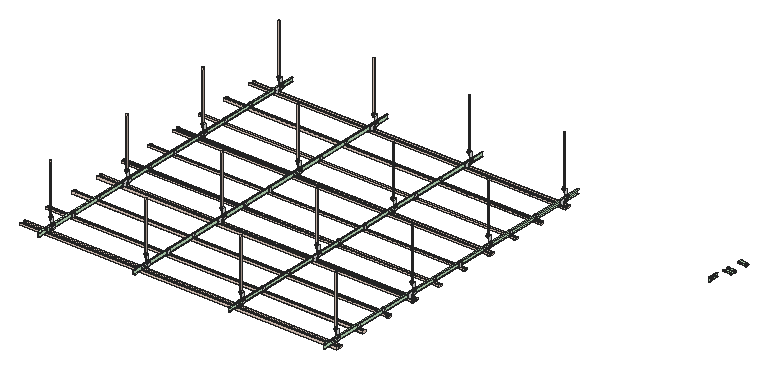
Revit family "cl_19", category 一般モデル, Revit 2022
Family settings
  鉄筋をホスト可能 = いいえ
  丸型コネクタ寸法 = 直径を使用
  パーツ タイプ = 標準
  作業面ベース = いいえ
  常に垂直 = はい
  ロード時にボイドで切り取り = いいえ
  注釈の向きを維持 = いいえ
  共有 = いいえ
  部屋計算ポイント = いいえ
Parameters
  製造元 = "株式会社桐井製作所"
  既定の高さ = 0 mm
  URL = "https://www.kirii.co.jp/"
  K_名称 = "JIS19型"
  K_バージョン情報 = "20231221"
Reference planes
  plane 1 "中心(正面/背面)": y = 0
  plane 2: z = 0
  plane 3 "中心(左/右)": x = 0
Lines and regions (mm)
  model lines
    curve 1: line (2053.885, 1762.323, -15.664) -> (3803.885, 1762.323, -15.664)
    curve 2: line (2053.885, 732.323, -15.664) -> (3803.885, 732.323, -15.664)
    curve 3: line (3803.885, 1766.972, -19.37) -> (3803.885, 736.972, -19.37)
    curve 4: line (2053.885, 1766.972, -19.37) -> (2053.885, 736.972, -19.37)
Text (mm)
  text "JIS19型" at (-1841.604, 2062.91, 5447.439), in view "ビュー 1"
  text "建築用鋼製天井下地材　在来天井（JIS19型）" at (-1901.604, 2057.91, -53.41), in view "{3D}"
  text "ジョイント" at (2194.065, 1638.272, -53.41), in view "{3D}"
  text "隣り合うジョイント位置は1ｍ以上離して千鳥状に配置する。" at (2294.392, 829.684, -53.41), in view "{3D}"
  text "・CS-19用ジョイント" at (2294.392, 1425.581, -53.41), in view "{3D}"
  text "・CW-19用ジョイント" at (2294.392, 1273.599, -53.41), in view "{3D}"
  text "・CC-19用ジョイント" at (2294.392, 1123.599, -53.41), in view "{3D}"
Dimensions and locks
  aligned and locked: level to plane 2
Nested families
  nested 1: "CW-19" at (-1495.375, 1215.499, -19), type "CW-19"
    with K_長さ(mm) 3000 mm, K_JIS外 no, K_JIS yes
  nested 2: "CS-19" at (-1495.375, 912.5, -19), type "CS-19"
    with K_長さ(mm) 3000 mm, K_JIS外 no, K_JIS yes
  nested 3: "CS-19" at (-1495.375, 609.5, -19), type "CS-19"
    with K_長さ(mm) 3000 mm, K_JIS外 no, K_JIS yes
  nested 4: "CW-19" at (-1495.375, 315.499, -19), type "CW-19"
    with K_長さ(mm) 3000 mm, K_JIS外 no, K_JIS yes
  nested 5: "CS-19" at (-1495.375, 12.5, -19), type "CS-19"
    with K_長さ(mm) 3000 mm, K_JIS外 no, K_JIS yes
  nested 6: "CS-19" at (-1495.375, -290.5, -19), type "CS-19"
    with K_長さ(mm) 3000 mm, K_JIS外 no, K_JIS yes
  nested 7: "CW-19" at (-1495.375, -584.501, -19), type "CW-19"
    with K_長さ(mm) 3000 mm, K_JIS外 no, K_JIS yes
  nested 8: "CS-19" at (-1495.375, -887.5, -19), type "CS-19"
    with K_長さ(mm) 3000 mm, K_JIS外 no, K_JIS yes
  nested 9: "CS-19" at (-1495.375, -1190.5, -19), type "CS-19"
    with K_長さ(mm) 3000 mm, K_JIS外 no, K_JIS yes
  nested 10: "CW-19" at (-1495.375, -1484.501, -19), type "CW-19"
    with K_長さ(mm) 3000 mm, K_JIS外 no, K_JIS yes
  nested 11: "CS-19用クリップ" at (552.216, -1190.581, -9.669) x (0, 1, 0) z (0, 0, 1), type "CS-19用クリップ"
    with K_JIS外 no, K_JIS yes
  nested 12: "CS-19用クリップ" at (1452.216, -1190.581, -9.669) x (0, 1, 0) z (0, 0, 1), type "CS-19用クリップ"
    with K_JIS外 no, K_JIS yes
  nested 13: "CW-19用クリップ" at (536.79, -1484.563, -9.703) x (0, -1, 0) z (0, 0, 1), type "CW-19用クリップ"
    with K_JIS外 no, K_JIS yes
  nested 14: "CW-19用クリップ" at (1437.103, -1484.563, -9.703) x (0, -1, 0) z (0, 0, 1), type "CW-19用クリップ"
    with K_JIS外 no, K_JIS yes
  nested 15: "CW-19用クリップ" at (-347.929, -584.563, -9.703) x (0, -1, 0) z (0, 0, 1), type "CW-19用クリップ"
    with K_JIS外 no, K_JIS yes
  nested 16: "CS-19用クリップ" at (-363.235, -887.5, -9.669) x (0, 1, 0) z (0, 0, 1), type "CS-19用クリップ"
    with K_JIS外 no, K_JIS yes
  nested 17: "CW-19用クリップ" at (552.071, -584.563, -9.703) x (0, -1, 0) z (0, 0, 1), type "CW-19用クリップ"
    with K_JIS外 no, K_JIS yes
  nested 18: "CS-19用クリップ" at (536.765, -887.5, -9.669) x (0, 1, 0) z (0, 0, 1), type "CS-19用クリップ"
    with K_JIS外 no, K_JIS yes
  nested 19: "CW-19用クリップ" at (1452.071, -584.563, -9.703) x (0, -1, 0) z (0, 0, 1), type "CW-19用クリップ"
    with K_JIS外 no, K_JIS yes
  nested 20: "CS-19用クリップ" at (1436.765, -887.5, -9.669) x (0, 1, 0) z (0, 0, 1), type "CS-19用クリップ"
    with K_JIS外 no, K_JIS yes
  nested 21: "CS-19用クリップ" at (536.765, -290.5, -9.669) x (0, 1, 0) z (0, 0, 1), type "CS-19用クリップ"
    with K_JIS外 no, K_JIS yes
  nested 22: "CS-19用クリップ" at (1436.765, -290.5, -9.669) x (0, 1, 0) z (0, 0, 1), type "CS-19用クリップ"
    with K_JIS外 no, K_JIS yes
  nested 23: "CS-19用クリップ" at (552.216, 12.419, -9.669) x (0, 1, 0) z (0, 0, 1), type "CS-19用クリップ"
    with K_JIS外 no, K_JIS yes
  nested 24: "CS-19用クリップ" at (1452.216, 12.419, -9.669) x (0, 1, 0) z (0, 0, 1), type "CS-19用クリップ"
    with K_JIS外 no, K_JIS yes
  nested 25: "CS-19用クリップ" at (-347.784, 609.419, -9.669) x (0, 1, 0) z (0, 0, 1), type "CS-19用クリップ"
    with K_JIS外 no, K_JIS yes
  nested 26: "CS-19用クリップ" at (552.216, 609.419, -9.669) x (0, 1, 0) z (0, 0, 1), type "CS-19用クリップ"
    with K_JIS外 no, K_JIS yes
  nested 27: "CS-19用クリップ" at (1452.216, 609.419, -9.669) x (0, 1, 0) z (0, 0, 1), type "CS-19用クリップ"
    with K_JIS外 no, K_JIS yes
  nested 28: "CW-19用クリップ" at (-1262.897, 315.437, -9.703) x (0, -1, 0) z (0, 0, 1), type "CW-19用クリップ"
    with K_JIS外 no, K_JIS yes
  nested 29: "CW-19用クリップ" at (-362.897, 315.437, -9.703) x (0, -1, 0) z (0, 0, 1), type "CW-19用クリップ"
    with K_JIS外 no, K_JIS yes
  nested 30: "CW-19用クリップ" at (536.79, 315.437, -9.703) x (0, -1, 0) z (0, 0, 1), type "CW-19用クリップ"
    with K_JIS外 no, K_JIS yes
  nested 31: "CW-19用クリップ" at (1436.79, 315.437, -9.703) x (0, -1, 0) z (0, 0, 1), type "CW-19用クリップ"
    with K_JIS外 no, K_JIS yes
  nested 32: "CS-19用クリップ" at (536.765, 911.979, -9.669) x (0, 1, 0) z (0, 0, 1), type "CS-19用クリップ"
    with K_JIS外 no, K_JIS yes
  nested 33: "CS-19用クリップ" at (1436.765, 911.979, -9.669) x (0, 1, 0) z (0, 0, 1), type "CS-19用クリップ"
    with K_JIS外 no, K_JIS yes
  nested 34: "CW-19用クリップ" at (-347.929, 1215.437, -9.703) x (0, -1, 0) z (0, 0, 1), type "CW-19用クリップ"
    with K_JIS外 no, K_JIS yes
  nested 35: "CW-19用クリップ" at (552.071, 1215.437, -9.703) x (0, -1, 0) z (0, 0, 1), type "CW-19用クリップ"
    with K_JIS外 no, K_JIS yes
  nested 36: "CW-19用クリップ" at (1452.071, 1215.437, -9.703) x (0, -1, 0) z (0, 0, 1), type "CW-19用クリップ"
    with K_JIS外 no, K_JIS yes
  nested 37: "CC-19用ハンガー、CC-25用ハンガー" at (-1259.375, -1425.55, 0) x (0, -1, 0) z (0, 0, 1), type "CC-19用ハンガー、CC-25用ハンガー"
    with K_JIS外 no, K_JIS yes
  nested 38: "CC-19用ハンガー、CC-25用ハンガー" at (-1259.375, -525.55, 0) x (0, -1, 0) z (0, 0, 1), type "CC-19用ハンガー、CC-25用ハンガー"
    with K_JIS外 no, K_JIS yes
  nested 39: "CC-19用ハンガー、CC-25用ハンガー" at (-1259.375, 374.45, 0) x (0, -1, 0) z (0, 0, 1), type "CC-19用ハンガー、CC-25用ハンガー"
    with K_JIS外 no, K_JIS yes
  nested 40: "CC-19用ハンガー、CC-25用ハンガー" at (-1259.375, 1274.45, 0) x (0, -1, 0) z (0, 0, 1), type "CC-19用ハンガー、CC-25用ハンガー"
    with K_JIS外 no, K_JIS yes
  nested 41: "CC-19用ハンガー、CC-25用ハンガー" at (-359.375, -1425.55, 0) x (0, -1, 0) z (0, 0, 1), type "CC-19用ハンガー、CC-25用ハンガー"
    with K_JIS外 no, K_JIS yes
  nested 42: "CC-19用ハンガー、CC-25用ハンガー" at (-359.375, -525.55, 0) x (0, -1, 0) z (0, 0, 1), type "CC-19用ハンガー、CC-25用ハンガー"
    with K_JIS外 no, K_JIS yes
  nested 43: "CC-19用ハンガー、CC-25用ハンガー" at (-359.375, 374.45, 0) x (0, -1, 0) z (0, 0, 1), type "CC-19用ハンガー、CC-25用ハンガー"
    with K_JIS外 no, K_JIS yes
  nested 44: "CC-19用ハンガー、CC-25用ハンガー" at (-359.375, 1274.45, 0) x (0, -1, 0) z (0, 0, 1), type "CC-19用ハンガー、CC-25用ハンガー"
    with K_JIS外 no, K_JIS yes
  nested 45: "CC-19用ハンガー、CC-25用ハンガー" at (540.625, -1425.55, 0) x (0, -1, 0) z (0, 0, 1), type "CC-19用ハンガー、CC-25用ハンガー"
    with K_JIS外 no, K_JIS yes
  nested 46: "CC-19用ハンガー、CC-25用ハンガー" at (540.625, -525.55, 0) x (0, -1, 0) z (0, 0, 1), type "CC-19用ハンガー、CC-25用ハンガー"
    with K_JIS外 no, K_JIS yes
  nested 47: "CC-19用ハンガー、CC-25用ハンガー" at (540.625, 374.45, 0) x (0, -1, 0) z (0, 0, 1), type "CC-19用ハンガー、CC-25用ハンガー"
    with K_JIS外 no, K_JIS yes
  nested 48: "CC-19用ハンガー、CC-25用ハンガー" at (540.625, 1274.45, 0) x (0, -1, 0) z (0, 0, 1), type "CC-19用ハンガー、CC-25用ハンガー"
    with K_JIS外 no, K_JIS yes
  nested 49: "CC-19用ハンガー、CC-25用ハンガー" at (1440.625, -1425.55, 0) x (0, -1, 0) z (0, 0, 1), type "CC-19用ハンガー、CC-25用ハンガー"
    with K_JIS外 no, K_JIS yes
  nested 50: "CC-19用ハンガー、CC-25用ハンガー" at (1440.625, -525.55, 0) x (0, -1, 0) z (0, 0, 1), type "CC-19用ハンガー、CC-25用ハンガー"
    with K_JIS外 no, K_JIS yes
  nested 51: "CC-19用ハンガー、CC-25用ハンガー" at (1440.625, 374.45, 0) x (0, -1, 0) z (0, 0, 1), type "CC-19用ハンガー、CC-25用ハンガー"
    with K_JIS外 no, K_JIS yes
  nested 52: "CC-19用ハンガー、CC-25用ハンガー" at (1440.625, 1274.45, 0) x (0, -1, 0) z (0, 0, 1), type "CC-19用ハンガー、CC-25用ハンガー"
    with K_JIS外 no, K_JIS yes
  nested 53: "CC-19用ハンガー、CC-25用ハンガー" at (-1259.375, -525.55, 0) x (0, -1, 0) z (0, 0, 1), type "CC-19用ハンガー、CC-25用ハンガー"
    with K_JIS外 no, K_JIS yes
  nested 54: "3／8”ボルト" at (1424.193, -1425.55, 70), type "3／8”ボルト"
    with K_長さ(mm) 500 mm
  nested 55: "3／8”ボルト" at (1424.193, -525.512, 70), type "3／8”ボルト"
    with K_長さ(mm) 500 mm
  nested 56: "ナット" at (1424.193, -1425.55, 93), type "ナット"
  nested 57: "ナット" at (1424.193, -1425.55, 91) x (1, 0, 0) z (0, 0, -1), type "ナット"
  nested 58: "ナット" at (1424.193, -525.55, 93), type "ナット"
  nested 59: "ナット" at (1424.193, -525.55, 91) x (1, 0, 0) z (0, 0, -1), type "ナット"
  nested 60: "3／8”ボルト" at (1424.193, 374.488, 70), type "3／8”ボルト"
    with K_長さ(mm) 500 mm
  nested 61: "ナット" at (1424.193, 374.45, 93), type "ナット"
  nested 62: "ナット" at (1424.193, 374.45, 91) x (1, 0, 0) z (0, 0, -1), type "ナット"
  nested 63: "3／8”ボルト" at (1424.193, 1274.488, 70), type "3／8”ボルト"
    with K_長さ(mm) 500 mm
  nested 64: "ナット" at (1424.193, 1274.45, 93), type "ナット"
  nested 65: "ナット" at (1424.193, 1274.45, 91) x (1, 0, 0) z (0, 0, -1), type "ナット"
  nested 66: "3／8”ボルト" at (524.193, -1425.55, 70), type "3／8”ボルト"
    with K_長さ(mm) 500 mm
  nested 67: "3／8”ボルト" at (524.193, -525.512, 70), type "3／8”ボルト"
    with K_長さ(mm) 500 mm
  nested 68: "ナット" at (524.193, -1425.55, 93), type "ナット"
  nested 69: "ナット" at (524.193, -1425.55, 91) x (1, 0, 0) z (0, 0, -1), type "ナット"
  nested 70: "ナット" at (524.193, -525.55, 93), type "ナット"
  nested 71: "ナット" at (524.193, -525.55, 91) x (1, 0, 0) z (0, 0, -1), type "ナット"
  nested 72: "3／8”ボルト" at (524.193, 374.488, 70), type "3／8”ボルト"
    with K_長さ(mm) 500 mm
  nested 73: "ナット" at (524.193, 374.45, 93), type "ナット"
  nested 74: "ナット" at (524.193, 374.45, 91) x (1, 0, 0) z (0, 0, -1), type "ナット"
  nested 75: "3／8”ボルト" at (524.193, 1274.488, 70), type "3／8”ボルト"
    with K_長さ(mm) 500 mm
  nested 76: "ナット" at (524.193, 1274.45, 93), type "ナット"
  nested 77: "ナット" at (524.193, 1274.45, 91) x (1, 0, 0) z (0, 0, -1), type "ナット"
  nested 78: "3／8”ボルト" at (-375.807, -1425.55, 70), type "3／8”ボルト"
    with K_長さ(mm) 500 mm
  nested 79: "3／8”ボルト" at (-375.807, -525.512, 70), type "3／8”ボルト"
    with K_長さ(mm) 500 mm
  nested 80: "ナット" at (-375.807, -1425.55, 93), type "ナット"
  nested 81: "ナット" at (-375.807, -1425.55, 91) x (1, 0, 0) z (0, 0, -1), type "ナット"
  nested 82: "ナット" at (-375.807, -525.55, 93), type "ナット"
  nested 83: "ナット" at (-375.807, -525.55, 91) x (1, 0, 0) z (0, 0, -1), type "ナット"
  nested 84: "3／8”ボルト" at (-375.807, 374.488, 70), type "3／8”ボルト"
    with K_長さ(mm) 500 mm
  nested 85: "ナット" at (-375.807, 374.45, 93), type "ナット"
  nested 86: "ナット" at (-375.807, 374.45, 91) x (1, 0, 0) z (0, 0, -1), type "ナット"
  nested 87: "3／8”ボルト" at (-375.807, 1274.488, 70), type "3／8”ボルト"
    with K_長さ(mm) 500 mm
  nested 88: "ナット" at (-375.807, 1274.45, 93), type "ナット"
  nested 89: "ナット" at (-375.807, 1274.45, 91) x (1, 0, 0) z (0, 0, -1), type "ナット"
  nested 90: "3／8”ボルト" at (-1275.807, -1425.55, 70), type "3／8”ボルト"
    with K_長さ(mm) 500 mm
  nested 91: "3／8”ボルト" at (-1275.807, -525.512, 70), type "3／8”ボルト"
    with K_長さ(mm) 500 mm
  nested 92: "ナット" at (-1275.807, -1425.55, 93), type "ナット"
  nested 93: "ナット" at (-1275.807, -1425.55, 91) x (1, 0, 0) z (0, 0, -1), type "ナット"
  nested 94: "ナット" at (-1275.807, -525.55, 93), type "ナット"
  nested 95: "ナット" at (-1275.807, -525.55, 91) x (1, 0, 0) z (0, 0, -1), type "ナット"
  nested 96: "3／8”ボルト" at (-1275.807, 374.488, 70), type "3／8”ボルト"
    with K_長さ(mm) 500 mm
  nested 97: "ナット" at (-1275.807, 374.45, 93), type "ナット"
  nested 98: "ナット" at (-1275.807, 374.45, 91) x (1, 0, 0) z (0, 0, -1), type "ナット"
  nested 99: "3／8”ボルト" at (-1275.807, 1274.488, 70), type "3／8”ボルト"
    with K_長さ(mm) 500 mm
  nested 100: "ナット" at (-1275.807, 1274.45, 93), type "ナット"
  nested 101: "ナット" at (-1275.807, 1274.45, 91) x (1, 0, 0) z (0, 0, -1), type "ナット"
  nested 102: "CW-19用ジョイント" at (3036.168, 1215.499, -19.312), type "CW-19用ジョイント"
    with K_JIS外 no, K_JIS yes
  nested 103: "CC-19用ジョイント" at (3016.168, 1053.371, -1.758), type "CC-19用ジョイント"
    with K_JIS外 yes, K_JIS no
  nested 104: "CS-19用ジョイント" at (3041.168, 1367.323, -19.37), type "CS-19用ジョイント"
    with K_JIS外 no, K_JIS yes
  nested 105: "CW-19用クリップ" at (-1247.888, 1215.432, -9.703) x (0, -1, 0) z (0, 0, 1), type "CW-19用クリップ"
    with K_JIS外 no, K_JIS yes
  nested 106: "CS-19用クリップ" at (-1263.173, 912.5, -9.669) x (0, 1, 0) z (0, 0, 1), type "CS-19用クリップ"
    with K_JIS外 no, K_JIS yes
  nested 107: "CS-19用クリップ" at (-1247.784, 609.5, -9.669) x (0, 1, 0) z (0, 0, 1), type "CS-19用クリップ"
    with K_JIS外 no, K_JIS yes
  nested 108: "CS-19用クリップ" at (-1247.784, 12.5, -9.669) x (0, 1, 0) z (0, 0, 1), type "CS-19用クリップ"
    with K_JIS外 no, K_JIS yes
  nested 109: "CS-19用クリップ" at (-1263.175, -290.5, -9.669) x (0, 1, 0) z (0, 0, 1), type "CS-19用クリップ"
    with K_JIS外 no, K_JIS yes
  nested 110: "CW-19用クリップ" at (-1247.9, -584.496, -9.703) x (0, -1, 0) z (0, 0, 1), type "CW-19用クリップ"
    with K_JIS外 no, K_JIS yes
  nested 111: "CS-19用クリップ" at (-1263.167, -887.5, -9.669) x (0, 1, 0) z (0, 0, 1), type "CS-19用クリップ"
    with K_JIS外 no, K_JIS yes
  nested 112: "CS-19用クリップ" at (-1247.784, -1190.5, -9.669) x (0, 1, 0) z (0, 0, 1), type "CS-19用クリップ"
    with K_JIS外 no, K_JIS yes
  nested 113: "CW-19用クリップ" at (-1262.897, -1484.501, -9.703) x (0, -1, 0) z (0, 0, 1), type "CW-19用クリップ"
    with K_JIS外 no, K_JIS yes
  nested 114: "CW-19用クリップ" at (-362.897, -1484.501, -9.703) x (0, -1, 0) z (0, 0, 1), type "CW-19用クリップ"
    with K_JIS外 no, K_JIS yes
  nested 115: "CS-19用クリップ" at (-347.784, -1190.5, -9.669) x (0, 1, 0) z (0, 0, 1), type "CS-19用クリップ"
    with K_JIS外 no, K_JIS yes
  nested 116: "CS-19用クリップ" at (-363.184, -290.5, -9.669) x (0, 1, 0) z (0, 0, 1), type "CS-19用クリップ"
    with K_JIS外 no, K_JIS yes
  nested 117: "CS-19用クリップ" at (-347.784, 12.5, -9.669) x (0, 1, 0) z (0, 0, 1), type "CS-19用クリップ"
    with K_JIS外 no, K_JIS yes
  nested 118: "CS-19用クリップ" at (-363.235, 912.477, -9.669) x (0, 1, 0) z (0, 0, 1), type "CS-19用クリップ"
    with K_JIS外 no, K_JIS yes
  nested 119: "CC-19" at (-1261.375, -1590.55, 0), type "CC-19"
    with K_長さ(mm) 3000 mm
  nested 120: "CC-19" at (-361.375, -1590.55, 0), type "CC-19"
    with K_長さ(mm) 3000 mm
  nested 121: "CC-19" at (538.625, -1590.55, 0), type "CC-19"
    with K_長さ(mm) 3000 mm
  nested 122: "CC-19" at (1438.625, -1590.55, 0), type "CC-19"
    with K_長さ(mm) 3000 mm
Definition of nested family "CW-19"
  Parameters (values of type "CW-19")
    Manufacturer = "株式会社桐井製作所"
    Default Elevation = 0 mm
    URL = "https://www.kirii.co.jp/"
    K_長さ(mm) [instance] = 1000 mm
    K_材質 = "SGCC　一般用"
    K_断面積A(mm2) = 49
    K_断面係数Zy(mm3) = 768.8
    K_断面係数Zx(mm3) = 184.8
    K_断面2次半径iy(mm) = 19.8
    K_断面2次半径ix(mm) = 7
    K_断面2次モーメントIy(mm4) = 19220
    K_断面2次モーメントIx(mm4) = 2395
    K_外形寸法(mm) = "19×50×0.5"
    K_品名 = "CW-19"
    K_名称 = "野縁"
    K_単位質量(kg/m) = 0.403
    K_ヤング係数E(N/mm2) = 205000
    K_バージョン情報 = "20210524"
    K_めっき付着量 = "Z12"
    K_JIS規格 = "JIS G 3302"
    K_JIS外 [instance] = not(K_JIS)  # no
    K_JIS [instance] = yes
  Reference planes
    plane 1 "中心(正面/背面)": y = 0
    plane 2: z = 0
    plane 3 "中心(左/右)": x = 0
    plane 4: x = 1000
    plane 5: y = 25
    plane 6: y = -25
    plane 7: z = 19
  Forms (mm)
    Extrusion 1, solid
      sketch origin (0, 0, 0) x (0, -1, 0) y (0, 0, 1)
        loop
          line (-25, 0) -> (-20.2, 0) -> (-19.052, 0.5) -> (-11.148, 0.5) -> (-10, 0) -> (10, 0) -> (11.148, 0.5) -> (19.052, 0.5) -> (20.2, 0) -> (25, 0) -> (25, 19) -> (21, 19) -> (21, 16.246) -> (21.5, 15.532) -> (21.5, 18.5) -> (24.5, 18.5) -> (24.5, 0.5) -> (20.304, 0.5) -> (19.156, 1) -> (11.044, 1) -> (9.896, 0.5) -> (-9.896, 0.5) -> (-11.044, 1) -> (-19.156, 1) -> (-20.304, 0.5) -> (-24.5, 0.5) -> (-24.5, 18.5) -> (-21.5, 18.5) -> (-21.5, 15.532) -> (-21, 16.246) -> (-21, 19) -> (-25, 19) -> (-25, 0)
      from 0 to -1000
    Extrusion 2, void
      sketch origin (0, 0, 0) x (0, 1, 0) y (0, 0, 1)
        loop
          line (-21.893, 16.282) -> (-21.893, 14.539) -> (22.033, 14.539) -> (22.033, 16.282) -> (-21.893, 16.282)
      from 0 to 1000
  Cuts and joins
    Extrusion 2 cuts Extrusion 1
  Dimensions and locks
    "K_長さ(mm)": plane 3 "中心(左/右)" to plane 4
    aligned and locked: level to plane 2
    aligned and locked: plane 4 to Extrusion 1
    aligned and locked: Extrusion 1 to Extrusion 2
    aligned and locked: Extrusion 2 to plane 3 "中心(左/右)"
  Automatic sketch dimensions
    plane 6 to Extrusion 2 sketch curve = 3.107 mm
    Extrusion 2 sketch curve to plane 5 = 2.967 mm
    Extrusion 2 sketch curve to Extrusion 2 sketch curve = 1.744 mm
    Extrusion 2 sketch curve to plane 7 = 4.461 mm
    Extrusion 1 sketch curve to level = 0 mm  (x3)
    Extrusion 1 sketch curve to plane 5 = 0 mm
    Extrusion 1 sketch curve to plane 6 = 0 mm
    Extrusion 1 sketch curve to plane 5 = 0.5 mm
    Extrusion 1 sketch curve to plane 5 = 3.5 mm
    Extrusion 1 sketch curve to Extrusion 1 sketch curve = 0.5 mm  (x2)
    level to Extrusion 1 sketch curve = 0.5 mm  (x5)
    Extrusion 1 sketch curve to Extrusion 1 sketch curve = 4.196 mm
    Extrusion 1 sketch curve to Extrusion 1 sketch curve = 0.104 mm  (x8)
    level to Extrusion 1 sketch curve = 1 mm  (x2)
    Extrusion 1 sketch curve to Extrusion 1 sketch curve = 1.148 mm  (x4)
    Extrusion 1 sketch curve to Extrusion 1 sketch curve = 7.903 mm
    plane 1 "中心(正面/背面)" to Extrusion 1 sketch curve = 9.896 mm
    plane 6 to Extrusion 1 sketch curve = 5.948 mm
    plane 6 to Extrusion 1 sketch curve = 4 mm
    plane 6 to Extrusion 1 sketch curve = 0.5 mm
    Extrusion 1 sketch curve to plane 7 = 3.468 mm  (x2)
    Extrusion 1 sketch curve to Extrusion 1 sketch curve = 0.714 mm  (x2)
    Extrusion 1 sketch curve to plane 7 = 0.5 mm  (x2)
    Extrusion 1 sketch curve to plane 7 = 0 mm  (x2)
Definition of nested family "CS-19"
  Parameters (values of type "CS-19")
    Manufacturer = "株式会社桐井製作所"
    Default Elevation = 0 mm
    URL = "https://www.kirii.co.jp/"
    K_長さ(mm) [instance] = 1000 mm
    K_材質 = "SGCC　一般用"
    K_断面積A(mm2) = 36.7
    K_断面係数Zy(mm3) = 309.2
    K_断面係数Zx(mm3) = 175.5
    K_断面2次半径iy(mm) = 10.3
    K_断面2次半径ix(mm) = 7.3
    K_断面2次モーメントIy(mm4) = 3866
    K_断面2次モーメントIx(mm4) = 1934
    K_外形寸法(mm) = "19×25×0.5"
    K_品名 = "CS-19"
    K_名称 = "野縁"
    K_単位質量(kg/m) = 0.302
    K_ヤング係数E(N/mm2) = 205000
    K_バージョン情報 = "20210524"
    K_めっき付着量 = "Z12"
    K_JIS規格 = "JIS G 3302"
    K_JIS外 [instance] = not(K_JIS)  # no
    K_JIS [instance] = yes
  Reference planes
    plane 1 "中心(正面/背面)": y = 0
    plane 2: z = 0
    plane 3 "中心(左/右)": x = 0
    plane 4: x = 1000
    plane 5: y = -12.5
    plane 6: y = 12.499
    plane 7: z = 19
  Forms (mm)
    Extrusion 1, solid
      sketch origin (12.499, 0, 0) x (0, 1, 0) y (0, 0, 1)
        loop
          line (-8.5, 19) -> (-12.5, 19) -> (-12.5, 0) -> (-7.5, 0) -> (-6.73, 0.77) -> (6.73, 0.77) -> (7.5, 0) -> (12.5, 0) -> (12.5, 19) -> (8.5, 19) -> (8.5, 16.246) -> (9, 15.532) -> (9, 18.5) -> (11.978, 18.5) -> (11.978, 0.5) -> (7.707, 0.5) -> (6.937, 1.27) -> (-6.937, 1.27) -> (-7.707, 0.5) -> (-11.978, 0.5) -> (-11.978, 18.5) -> (-9, 18.5) -> (-9, 15.532) -> (-8.5, 16.246) -> (-8.5, 19)
      from -12.499 to 987.501
    Extrusion 2, void
      sketch origin (12.499, 0, 0) x (0, 1, 0) y (0, 0, 1)
        loop
          line (-9.248, 16.247) -> (-9.248, 15.195) -> (9.354, 15.195) -> (9.354, 16.247) -> (-9.248, 16.247)
      from -12.499 to 987.501
  Cuts and joins
    Extrusion 2 cuts Extrusion 1
  Dimensions and locks
    "K_長さ(mm)": plane 4 to plane 3 "中心(左/右)"
    aligned and locked: level to plane 2
    aligned and locked: Extrusion 2 to Extrusion 1
    aligned and locked: plane 4 to cut or joined group of Extrusion 1, Extrusion 2
  Automatic sketch dimensions
    Extrusion 1 sketch curve to level = 0 mm  (x2)
    plane 1 "中心(正面/背面)" to Extrusion 1 sketch curve = 12.5 mm
    plane 1 "中心(正面/背面)" to Extrusion 1 sketch curve = 11.979 mm
    Extrusion 1 sketch curve to Extrusion 1 sketch curve = 2.979 mm
    Extrusion 1 sketch curve to Extrusion 1 sketch curve = 0.5 mm  (x4)
    level to Extrusion 1 sketch curve = 0.5 mm  (x2)
    Extrusion 1 sketch curve to Extrusion 1 sketch curve = 4.271 mm
    Extrusion 1 sketch curve to Extrusion 1 sketch curve = 0.207 mm  (x4)
    Extrusion 1 sketch curve to Extrusion 1 sketch curve = 0.77 mm  (x2)
    level to Extrusion 1 sketch curve = 0.77 mm
    Extrusion 1 sketch curve to Extrusion 1 sketch curve = 13.46 mm
    level to Extrusion 1 sketch curve = 1.27 mm
    Extrusion 1 sketch curve to Extrusion 1 sketch curve = 17 mm
    Extrusion 1 sketch curve to Extrusion 1 sketch curve = 4.272 mm
    Extrusion 1 sketch curve to Extrusion 1 sketch curve = 0.521 mm
    Extrusion 1 sketch curve to Extrusion 1 sketch curve = 2.968 mm
    Extrusion 1 sketch curve to Extrusion 1 sketch curve = 0.714 mm  (x2)
    plane 1 "中心(正面/背面)" to Extrusion 2 sketch curve = 9.248 mm
    Extrusion 2 sketch curve to Extrusion 2 sketch curve = 18.602 mm
    Extrusion 2 sketch curve to Extrusion 2 sketch curve = 1.052 mm
    Extrusion 1 sketch curve to Extrusion 1 sketch curve = 14.262 mm  (x2)
    Extrusion 1 sketch curve to Extrusion 1 sketch curve = 2.254 mm
    level to Extrusion 2 sketch curve = 15.195 mm
Definition of nested family "CS-19用クリップ"
  Parameters (values of type "CS-19用クリップ")
    Manufacturer = "株式会社桐井製作所"
    Default Elevation = 0 mm
    URL = "https://www.kirii.co.jp/"
    K_材質 = "SGCC　一般用"
    K_品名 = "CS-19用クリップ"
    K_名称 = "クリップ"
    K_単位質量(kg/個) = 0.009
    K_入数 = "1000"
    K_バージョン情報 = "20210524"
    K_めっき付着量 = "Z12"
    K_JIS規格 = "JIS G 3302"
    K_JIS外 [instance] = not(K_JIS)  # no
    K_JIS [instance] = yes
  Reference planes
    plane 1 "中心(正面/背面)": y = 0
    plane 2: z = 0
    plane 3 "中心(左/右)": x = 0
  Forms (mm)
    Extrusion 1, solid
      sketch origin (0, 0, 0) x (1, 0, 0) y (0, 0, 1)
        loop
          line (-9.5, 25) -> (-3, 16) -> (-3, 1)
          arc (-3, 1) -> (-2.707, 0.293) -> (-2, 0) r 1
          line (-2, 0) -> (2, 0)
          arc (2, 0) -> (2.707, 0.293) -> (3, 1) r 1
          line (3, 1) -> (3, 16) -> (9.5, 25) -> (9.5, 40.5)
          arc (9.5, 40.5) -> (8.768, 42.268) -> (7, 43) r 2.5
          line (7, 43) -> (-7, 43)
          arc (-7, 43) -> (-8.768, 42.268) -> (-9.5, 40.5) r 2.5
          line (-9.5, 40.5) -> (-9.5, 25)
      from -1.17 to 0
    Extrusion 2, solid
      sketch origin (0, 0, 0) x (1, 0, 0) y (0, 0, 1)
        loop
          line (-10.9, 10.122) -> (-11.5, 9.6) -> (-11.5, 3)
          arc (-11.5, 3) -> (-10.621, 0.879) -> (-8.5, 0) r 3
          line (-8.5, 0) -> (8.5, 0)
          arc (8.5, 0) -> (10.621, 0.879) -> (11.5, 3) r 3
          line (11.5, 3) -> (11.5, 9.6) -> (10.9, 10.122) -> (10.9, 3)
          arc (10.9, 3) -> (10.197, 1.303) -> (8.5, 0.6) r 2.4
          line (8.5, 0.6) -> (-8.5, 0.6)
          arc (-8.5, 0.6) -> (-10.197, 1.303) -> (-10.9, 3) r 2.4
          line (-10.9, 3) -> (-10.9, 10.122)
      from -5.17 to -1.8
    Extrusion 3, void
      sketch origin (0, 0, 0) x (1, 0, 0) y (0, 0, 1)
        loop
          arc (7.625, 6.006) -> (8.589, 6.323) -> (9, 7.25) r 1.25
          line (9, 7.25) -> (9, 8.6)
          arc (9, 8.6) -> (9.293, 9.307) -> (10, 9.6) r 1
          line (10, 9.6) -> (11.5, 9.6) -> (11.5, 3)
          arc (11.5, 3) -> (10.621, 0.879) -> (8.5, 0) r 3
          line (8.5, 0) -> (12.5, 0) -> (12.5, 25.377)
          arc (12.5, 25.377) -> (12.282, 24.075) -> (11.652, 22.915) r 4
          line (11.652, 22.915) -> (7.098, 17.085)
          arc (7.098, 17.085) -> (6.468, 15.925) -> (6.25, 14.623) r 4
          line (6.25, 14.623) -> (6.25, 7.25)
          arc (6.25, 7.25) -> (6.661, 6.323) -> (7.625, 6.006) r 1.25
        loop
          line (-12.5, 25.377) -> (-12.5, 0) -> (-8.5, 0)
          arc (-8.5, 0) -> (-10.621, 0.879) -> (-11.5, 3) r 3
          line (-11.5, 3) -> (-11.5, 9.6) -> (-10, 9.6)
          arc (-10, 9.6) -> (-9.293, 9.307) -> (-9, 8.6) r 1
          line (-9, 8.6) -> (-9, 7.25)
          arc (-9, 7.25) -> (-8.589, 6.323) -> (-7.625, 6.006) r 1.25
          arc (-7.625, 6.006) -> (-6.661, 6.323) -> (-6.25, 7.25) r 1.25
          line (-6.25, 7.25) -> (-6.25, 14.623)
          arc (-6.25, 14.623) -> (-6.468, 15.925) -> (-7.098, 17.085) r 4
          line (-7.098, 17.085) -> (-11.652, 22.915)
          arc (-11.652, 22.915) -> (-12.282, 24.075) -> (-12.5, 25.377) r 4
      from -5.17 to 0
    Extrusion 4, void
      sketch origin (0, 0, 0) x (1, 0, 0) y (0, 1, 0)
        loop
          line (-2.5, 14.418) -> (-2.5, 11.2)
          arc (-2.5, 11.2) -> (-1.768, 9.432) -> (0, 8.7) r 2.5
          arc (0, 8.7) -> (1.768, 9.432) -> (2.5, 11.2) r 2.5
          line (2.5, 11.2) -> (2.5, 14.418) -> (-2.5, 14.418)
      from 34.9 to 48.855
    Extrusion 5, solid
      sketch origin (0, 30, 0) x (0, 1, 0) y (0, 0, 1)
        loop
          line (-28.2, 47.9) -> (-16.199, 47.9) -> (-16.199, 32.283) -> (-15.582, 32.9) -> (-15.582, 47.684)
          arc (-15.582, 47.684) -> (-15.86, 48.234) -> (-16.408, 48.517) r 1
          line (-16.408, 48.517) -> (-27.828, 48.53)
          arc (-27.828, 48.53) -> (-28.536, 48.238) -> (-28.83, 47.53) r 1
          line (-28.83, 47.53) -> (-28.83, 0) -> (-27.64, 0) -> (-28.2, 0.6) -> (-28.2, 47.9)
      from -12.5 to 12.5
    Extrusion 6, void
      sketch origin (0, -19.099, 61.1) x (1, 0, 0) y (0, 0, -1)
        loop
          arc (2.5, 26.2) -> (3.086, 27.614) -> (4.5, 28.2) r 2
          line (4.5, 28.2) -> (10.5, 28.2)
          arc (10.5, 28.2) -> (11.914, 27.614) -> (12.5, 26.2) r 2
          line (12.5, 26.2) -> (12.5, 28.838) -> (-12.5, 28.838) -> (-12.5, 26.2)
          arc (-12.5, 26.2) -> (-11.914, 27.614) -> (-10.5, 28.2) r 2
          line (-10.5, 28.2) -> (-4.5, 28.2)
          arc (-4.5, 28.2) -> (-3.086, 27.614) -> (-2.5, 26.2) r 2
          line (-2.5, 26.2) -> (2.5, 26.2)
      from 32.9 to 33.517
  Cuts and joins
    Extrusion 3 cuts Extrusion 2
    Extrusion 3, Extrusion 4, Extrusion 6 cuts Extrusion 5
    joined: Extrusion 1, Extrusion 2, Extrusion 5
  Dimensions and locks
    aligned and locked: level to plane 2
Definition of nested family "CW-19用クリップ"
  Parameters (values of type "CW-19用クリップ")
    Manufacturer = "株式会社桐井製作所"
    Default Elevation = 0 mm
    URL = "https://www.kirii.co.jp/"
    K_材質 = "SGCC　一般用"
    K_品名 = "CW-19用クリップ"
    K_名称 = "クリップ"
    K_単位質量(kg/個) = 0.016
    K_入数 = "500"
    K_バージョン情報 = "20210524"
    K_めっき付着量 = "Z12"
    K_JIS規格 = "JIS G 3302"
    K_JIS外 [instance] = not(K_JIS)  # no
    K_JIS [instance] = yes
  Reference planes
    plane 1 "中心(正面/背面)": y = 0
    plane 2: z = 0
    plane 3 "中心(左/右)": x = 0
  Forms (mm)
    Extrusion 1, solid
      sketch origin (-12.5, 0, 0) x (1, 0, 0) y (0, 0, 1)
        loop
          line (31, 43) -> (-6, 43)
          arc (-6, 43) -> (-7.768, 42.268) -> (-8.5, 40.5) r 2.5
          line (-8.5, 40.5) -> (-8.5, 31.492)
          arc (-8.5, 31.492) -> (-8.186, 30.156) -> (-7.31, 29.1) r 3
          line (-7.31, 29.1) -> (-0.44, 23.9)
          arc (-0.44, 23.9) -> (0.436, 22.844) -> (0.75, 21.508) r 3
          line (0.75, 21.508) -> (0.75, 1)
          arc (0.75, 1) -> (1.043, 0.293) -> (1.75, 0) r 1
          line (1.75, 0) -> (23.25, 0)
          arc (23.25, 0) -> (23.957, 0.293) -> (24.25, 1) r 1
          line (24.25, 1) -> (24.25, 21.508)
          arc (24.25, 21.508) -> (24.564, 22.844) -> (25.44, 23.9) r 3
          line (25.44, 23.9) -> (32.31, 29.1)
          arc (32.31, 29.1) -> (33.186, 30.156) -> (33.5, 31.492) r 3
          line (33.5, 31.492) -> (33.5, 40.5)
          arc (33.5, 40.5) -> (32.768, 42.268) -> (31, 43) r 2.5
      from -1.17 to 0
    Extrusion 2, solid
      sketch origin (-12.5, 0, 0) x (1, 0, 0) y (0, 0, 1)
        loop
          line (-11.15, 10.122) -> (-11.75, 9.6) -> (-11.75, 4.5)
          arc (-11.75, 4.5) -> (-10.432, 1.318) -> (-7.25, 0) r 4.5
          line (-7.25, 0) -> (32.25, 0)
          arc (32.25, 0) -> (35.432, 1.318) -> (36.75, 4.5) r 4.5
          line (36.75, 4.5) -> (36.75, 9.6) -> (36.15, 10.122) -> (36.15, 4.5)
          arc (36.15, 4.5) -> (35.008, 1.742) -> (32.25, 0.6) r 3.9
          line (32.25, 0.6) -> (-7.25, 0.6)
          arc (-7.25, 0.6) -> (-10.008, 1.742) -> (-11.15, 4.5) r 3.9
          line (-11.15, 4.5) -> (-11.15, 10.122)
      from -5.17 to -1.8
    Extrusion 3, void
      sketch origin (-12.5, 0, 0) x (1, 0, 0) y (0, 0, 1)
        loop
          arc (31.25, 7.25) -> (31.709, 6.282) -> (32.75, 6.025) r 1.25
          arc (32.75, 6.025) -> (33.791, 6.282) -> (34.25, 7.25) r 1.25
          line (34.25, 7.25) -> (34.25, 8.6)
          arc (34.25, 8.6) -> (34.543, 9.307) -> (35.25, 9.6) r 1
          line (35.25, 9.6) -> (36.75, 9.6) -> (36.75, 4.5)
          arc (36.75, 4.5) -> (35.432, 1.318) -> (32.25, 0) r 4.5
          line (32.25, 0) -> (37.5, 0) -> (37.5, 31.63)
          arc (37.5, 31.63) -> (37.154, 29.623) -> (36.157, 27.847) r 6
          line (36.157, 27.847) -> (32.593, 23.461)
          arc (32.593, 23.461) -> (31.596, 21.685) -> (31.25, 19.677) r 6
          line (31.25, 19.677) -> (31.25, 7.25)
        loop
          arc (-6.25, 19.434) -> (-6.577, 21.387) -> (-7.522, 23.128) r 6
          line (-7.522, 23.128) -> (-11.228, 27.872)
          arc (-11.228, 27.872) -> (-12.173, 29.613) -> (-12.5, 31.566) r 6
          line (-12.5, 31.566) -> (-12.5, 0) -> (-7.25, 0)
          arc (-7.25, 0) -> (-10.432, 1.318) -> (-11.75, 4.5) r 4.5
          line (-11.75, 4.5) -> (-11.75, 9.6) -> (-10.25, 9.6)
          arc (-10.25, 9.6) -> (-9.543, 9.307) -> (-9.25, 8.6) r 1
          line (-9.25, 8.6) -> (-9.25, 7.25)
          arc (-9.25, 7.25) -> (-8.791, 6.282) -> (-7.75, 6.025) r 1.25
          arc (-7.75, 6.025) -> (-6.709, 6.282) -> (-6.25, 7.25) r 1.25
          line (-6.25, 7.25) -> (-6.25, 19.434)
      from -5.17 to 0
    Extrusion 4, void
      sketch origin (-12.5, 0, 0) x (1, 0, 0) y (0, 1, 0)
        loop
          arc (25, 6.67) -> (26.414, 7.256) -> (27, 8.67) r 2
          line (27, 8.67) -> (27, 13.798) -> (-2, 13.798) -> (-2, 8.67)
          arc (-2, 8.67) -> (-1.414, 7.256) -> (0, 6.67) r 2
          line (0, 6.67) -> (25, 6.67)
      from 32.9 to 48.855
    Extrusion 5, solid
      sketch origin (-12.5, 30, 0) x (0, 1, 0) y (0, 0, 1)
        loop
          line (-28.2, 47.9) -> (-16.819, 47.9) -> (-16.819, 32.283) -> (-16.202, 32.9) -> (-16.202, 47.684)
          arc (-16.202, 47.684) -> (-16.482, 48.236) -> (-17.033, 48.518) r 1
          line (-17.033, 48.518) -> (-27.828, 48.53)
          arc (-27.828, 48.53) -> (-28.536, 48.238) -> (-28.83, 47.53) r 1
          line (-28.83, 47.53) -> (-28.83, 0) -> (-27.64, 0) -> (-28.2, 0.6) -> (-28.2, 47.9)
      from -12.5 to 37.5
    Extrusion 6, void
      sketch origin (-12.5, 0, 0) x (0, 1, 0) y (0, 0, 1)
        loop
          line (13.798, 32.9) -> (12.798, 32.9) -> (12.798, 31.9) -> (13.798, 31.9) -> (13.798, 32.9)
      from -12.5 to 37.5
  Cuts and joins
    Extrusion 3 cuts Extrusion 2
    Extrusion 3, Extrusion 4, Extrusion 6 cuts Extrusion 5
    joined: Extrusion 1, Extrusion 2, Extrusion 5
  Dimensions and locks
    aligned and locked: level to plane 2
Definition of nested family "CC-19用ハンガー、CC-25用ハンガー"
  Parameters (values of type "CC-19用ハンガー、CC-25用ハンガー")
    Manufacturer = "株式会社桐井製作所"
    Default Elevation = 0 mm
    URL = "https://www.kirii.co.jp/"
    K_材質 = "SGCC一般用またはSGHC一般用"
    K_品名 = "CC-19用ハンガー、CC-25用ハンガー"
    K_名称 = "ハンガー"
    K_単位質量(kg/個) = 0.064
    K_入数 = "300"
    K_バージョン情報 = "20210524"
    K_めっき付着量 = "Z12"
    K_JIS規格 = "JIS G 3302"
    K_JIS外 [instance] = not(K_JIS)  # no
    K_JIS [instance] = yes
  Reference planes
    plane 1 "中心(正面/背面)": y = 0
    plane 2: z = 0
    plane 3 "中心(左/右)": x = 0
    plane 4: x = 10
    plane 5: x = -10
  Forms (mm)
    Extrusion 1, solid
      sketch origin (0, -1.432, 0) x (0, 1, 0) y (0, 0, 1)
        loop
          arc (10.858, 46.52) -> (9.317, 43.754) -> (9.398, 40.59) r 6
          line (9.398, 40.59) -> (9.685, 39.636) -> (13, 28.636) -> (13.708, 26.288)
          arc (13.708, 26.288) -> (13.984, 24.986) -> (14.041, 23.656) r 8
          line (14.041, 23.656) -> (13.142, 1.439)
          arc (13.142, 1.439) -> (12.682, 0.418) -> (11.643, 0) r 1.5
          line (11.643, 0) -> (1.5, 0)
          arc (1.5, 0) -> (0.439, 0.439) -> (0, 1.5) r 1.5
          line (0, 1.5) -> (0, 35.7) -> (0.716, 39.581)
          arc (0.716, 39.581) -> (0.88, 41.202) -> (0.778, 42.828) r 10
          line (0.778, 42.828) -> (0, 48.2) -> (0, 89)
          arc (0, 89) -> (-1.172, 91.828) -> (-4, 93) r 4
          line (-4, 93) -> (-26, 93) -> (-26, 91) -> (-4, 91)
          arc (-4, 91) -> (-2.586, 90.414) -> (-2, 89) r 2
          line (-2, 89) -> (-2, 48.2) -> (-1.027, 41.2) -> (-2, 35.7) -> (-2, 1.5)
          arc (-2, 1.5) -> (-0.975, -0.975) -> (1.5, -2) r 3.5
          line (1.5, -2) -> (11.643, -2)
          arc (11.643, -2) -> (14.067, -1.024) -> (15.14, 1.358) r 3.5
          line (15.14, 1.358) -> (16.04, 23.575)
          arc (16.04, 23.575) -> (15.968, 25.237) -> (15.623, 26.865) r 10
          line (15.623, 26.865) -> (11.313, 41.167)
          arc (11.313, 41.167) -> (11.259, 43.276) -> (12.286, 45.12) r 4
          line (12.286, 45.12) -> (15.5, 48.4) -> (14.072, 49.8) -> (10.858, 46.52)
      from -11.5 to 11.5
    Extrusion 2, solid
      sketch origin (0, -1.432, 0) x (0, 1, 0) y (0, 0, 1)
        loop
          line (15.5, 48.4) -> (14.072, 49.8) -> (9.4, 45.033)
          arc (9.4, 45.033) -> (8.131, 43.101) -> (7.685, 40.833) r 6
          line (7.685, 40.833) -> (7.685, 38.7) -> (9.685, 38.5) -> (9.685, 40.833)
          arc (9.685, 40.833) -> (9.982, 42.345) -> (10.829, 43.633) r 4
          line (10.829, 43.633) -> (15.5, 48.4)
      from -11.5 to 11.5
    Extrusion 3, void
      sketch origin (0, -1.432, 0) x (1, 0, 0) y (0, 1, 0)
        loop
          line (-11.5, 16.048) -> (-11.5, 7.685) -> (-5.5, 7.685) -> (-5.5, 16.048) -> (-11.5, 16.048)
        loop
          line (5.5, 16.048) -> (5.5, 7.685) -> (11.5, 7.685) -> (11.5, 16.048) -> (5.5, 16.048)
      from 38.5 to 49.8
    Extrusion 4, void
      sketch origin (0, -1.432, 0) x (1, 0, 0) y (0, 1, 0)
        loop
          line (-5.5, 15.5) -> (-5.5, 7.685) -> (5.5, 7.685) -> (5.5, 15.5) -> (-5.5, 15.5)
      from 38.5 to 49.8
    Extrusion 5, void
      sketch origin (0, 0, 0) x (1, 0, 0) y (0, 1, 0)
        loop
          circle (0, -16.432) r 5
      from 91 to 93
  Cuts and joins
    Extrusion 3, Extrusion 5 cuts Extrusion 1
    Extrusion 4 cuts Extrusion 2
  Dimensions and locks
    aligned and locked: level to plane 2
Definition of nested family "3／8”ボルト"
  Parameters (values of type "3／8”ボルト")
    Manufacturer = "株式会社桐井製作所"
    Default Elevation = 0 mm
    URL = "https://www.kirii.co.jp/"
    K_長さ(mm) [instance] = 500 mm
    K_表面処理 = "JIS H 8610に規定する1級以上、JIS H 8625に規定する1級CM1A以上"
    K_材質 = "軟鋼線材　JIS G 3505　同等以上"
    K_名称 = "3/8\"ボルト"
    K_バージョン情報 = "20221219"
  Reference planes
    plane 1 "中心(正面/背面)": y = 0
    plane 2: z = 0
    plane 3 "中心(左/右)": x = 0
    plane 4: z = 500
  Forms (mm)
    Extrusion 1, solid
      sketch origin (0.02, -0.038, 0) x (1, 0, 0) y (0, 1, 0)
        loop
          circle (-0.02, 0) r 4.725
      from 0 to 500
  Dimensions and locks
    "K_長さ(mm)": plane 4 to plane 2
    aligned and locked: level to plane 2
    aligned and locked: Extrusion 1 to plane 2
    aligned and locked: plane 4 to Extrusion 1
  Automatic sketch dimensions
    Extrusion 1 sketch curve to plane 3 "中心(左/右)" = 0 mm
    plane 1 "中心(正面/背面)" to Extrusion 1 sketch curve = 0.038 mm
    radius of Extrusion 1 sketch curve = 4.725 mm
Definition of nested family "ナット"
  Parameters (values of type "ナット")
    Manufacturer = "株式会社桐井製作所"
    Default Elevation = 0 mm
    URL = "https://www.kirii.co.jp/"
    K_表面処理 = "JIS H 8610 電気亜鉛めっき1級以上　JIS H 8625 1級CM1A以上"
    K_材質 = "軟鋼線材 JIS G 3505 同等以上"
    K_名称 = "1/2\"ナット"
    K_単位質量(kg/個) = 0.021
    K_バージョン情報 = "20221219"
  Reference planes
    plane 1 "中心(正面/背面)": y = 0
    plane 2: z = 0
    plane 3 "中心(左/右)": x = 0
  Forms (mm)
    Revolve 1, solid
      sketch origin (0, 0, 2.36) x (1, 0, 0) y (0, 0, 1)
        loop
          line (4.75, 7.64) -> (4.75, -2.36) -> (9.5, -2.36) -> (9.5, 5.077)
          arc (9.5, 5.077) -> (8.243, 6.927) -> (6.124, 7.64) r 3.505
          line (6.124, 7.64) -> (4.75, 7.64)
        axis (0, 7.64) -> (0, -2.36)
      angle from 0 to 360
    Extrusion 2, void
      sketch origin (0, 0, 0) x (1, 0, 0) y (0, 1, 0)
        loop
          circle (0, 0) r 14
        loop
          line (2.241, 8.365) -> (-6.124, 6.124) -> (-8.365, -2.241) -> (-2.241, -8.365) -> (6.124, -6.124) -> (8.365, 2.241) -> (2.241, 8.365)
      from 0 to 10
  Cuts and joins
    Extrusion 2 cuts Revolve 1
  Dimensions and locks
    aligned and locked: level to plane 2
Definition of nested family "CW-19用ジョイント"
  Parameters (values of type "CW-19用ジョイント")
    Manufacturer = "株式会社桐井製作所"
    Default Elevation = 0 mm
    URL = "https://www.kirii.co.jp/"
    K_材質 = "SGCC　一般用"
    K_品名 = "CW-19用ジョイント"
    K_名称 = "野縁ジョイント"
    K_単位質量(kg/個) = 0.029
    K_入数 = "200"
    K_バージョン情報 = "20210524"
    K_めっき付着量 = "Z12"
    K_JIS規格 = "JIS G 3302"
    K_JIS外 [instance] = not(K_JIS)  # no
    K_JIS [instance] = yes
  Reference planes
    plane 1 "中心(正面/背面)": y = 0
    plane 2: z = 0
    plane 3 "中心(左/右)": x = 0
  Forms (mm)
    Extrusion 1, solid
      sketch origin (0, 0, 0) x (0, 1, 0) y (0, 0, 1)
        loop
          line (20.385, 4.53) -> (-20.385, 4.53) -> (-21.352, 1.547)
          arc (-21.352, 1.547) -> (-22.967, 0.546) -> (-24.22, 1.976) r 1.47
          line (-24.22, 1.976) -> (-24.459, 16.547) -> (-25, 17.191) -> (-24.75, 1.967)
          arc (-24.75, 1.967) -> (-23.046, 0.022) -> (-20.847, 1.384) r 2
          line (-20.847, 1.384) -> (-20, 4) -> (20, 4) -> (20.847, 1.384)
          arc (20.847, 1.384) -> (23.046, 0.022) -> (24.75, 1.967) r 2
          line (24.75, 1.967) -> (25, 17.191) -> (24.459, 16.547) -> (24.22, 1.976)
          arc (24.22, 1.976) -> (22.967, 0.546) -> (21.352, 1.547) r 1.47
          line (21.352, 1.547) -> (20.385, 4.53)
      from -42.5 to 42.5
    Extrusion 2, solid
      sketch origin (0, -13.587, -0.882) x (0, 0.997137, -0.075613) y (0, 0.075613, 0.997137)
        loop
          arc (-12.378, 13.168) -> (-15.089, 9.905) -> (-11.826, 7.194) r 3
          line (-11.826, 7.194) -> (-12.378, 13.168)
      from -0.5 to 0
    Extrusion 3, void
      sketch origin (0, -13.071, 0.1) x (1, 0, 0) y (0, -0.008054, 0.999968)
        loop
          arc (0, 7.2) -> (3, 10.2) -> (0, 13.2) r 3
          line (0, 13.2) -> (0, 7.2)
      from 11 to 12
    Extrusion 4, void
      sketch origin (0, 0, 0) x (1, 0, 0) y (0, 0, 1)
        loop
          line (31.511, 17.191) -> (41.4, 9.1)
          arc (41.4, 9.1) -> (42.211, 8.063) -> (42.5, 6.778) r 3
          line (42.5, 6.778) -> (42.5, 17.191) -> (31.511, 17.191)
        loop
          line (-42.5, 17.191) -> (-42.5, 6.778)
          arc (-42.5, 6.778) -> (-42.211, 8.063) -> (-41.4, 9.1) r 3
          line (-41.4, 9.1) -> (-31.511, 17.191) -> (-42.5, 17.191)
      from -26 to 26
  Cuts and joins
    Extrusion 3, Extrusion 4 cuts Extrusion 1
    joined: Extrusion 1, Extrusion 2
  Dimensions and locks
    aligned and locked: level to plane 2
Definition of nested family "CC-19用ジョイント"
  Parameters (values of type "CC-19用ジョイント")
    Manufacturer = "株式会社桐井製作所"
    Default Elevation = 0 mm
    URL = "https://www.kirii.co.jp/"
    K_材質 = "SGCC　一般用"
    K_品名 = "CC-19用ジョイント"
    K_名称 = "野縁受けジョイント"
    K_単位質量(kg/個) = 0.037
    K_入数 = "300"
    K_バージョン情報 = "20210524"
    K_めっき付着量 = "Z12"
    K_JIS規格 = "JIS G 3302"
    K_JIS外 [instance] = not(K_JIS)  # yes
    K_JIS [instance] = no
  Reference planes
    plane 1 "中心(正面/背面)": y = 0
    plane 2: z = 0
    plane 3 "中心(左/右)": x = 0
  Forms (mm)
    Extrusion 1, solid
      sketch origin (2.7, 0, 0) x (1, 0, 0) y (0, 0, 1)
        loop
          line (-11.7, -16.179) -> (-11.7, 16.179) -> (-2.7, 16.599) -> (-2.7, 17.6) -> (-11.27, 17.2)
          arc (-11.27, 17.2) -> (-12.285, 16.737) -> (-12.7, 15.702) r 1.5
          line (-12.7, 15.702) -> (-12.7, -15.702)
          arc (-12.7, -15.702) -> (-12.285, -16.737) -> (-11.27, -17.2) r 1.5
          line (-11.27, -17.2) -> (-2.715, -17.599) -> (-2.715, -16.598) -> (-11.7, -16.179)
      from -47.5 to 47.5
    Extrusion 2, solid
      sketch origin (-7.559, -7.561, 0) x (1, 0, 0) y (0, 1, 0)
        loop
          line (-2.441, 2.059) -> (-2.441, 3.511) -> (-4.966, 0.855)
          arc (-4.966, 0.855) -> (-5.596, -0.147) -> (-5.79, -1.315) r 3
          arc (-5.79, -1.315) -> (-4.972, -14.885) -> (-3.447, -28.395) r 260.45
          line (-3.447, -28.395) -> (-5.639, -31.344) -> (-4.837, -31.941) -> (-2.889, -29.32)
          arc (-2.889, -29.32) -> (-2.557, -28.624) -> (-2.513, -27.854) r 2
          arc (-2.513, -27.854) -> (-3.993, -14.596) -> (-4.79, -1.28) r 259.45
          arc (-4.79, -1.28) -> (-4.661, -0.502) -> (-4.241, 0.166) r 2
          line (-4.241, 0.166) -> (-2.441, 2.059)
        loop
          line (-4.837, 47.059) -> (-5.639, 46.463) -> (-3.447, 43.513)
          arc (-3.447, 43.513) -> (-4.972, 30.004) -> (-5.79, 16.433) r 260.45
          arc (-5.79, 16.433) -> (-5.596, 15.265) -> (-4.966, 14.264) r 3
          line (-4.966, 14.264) -> (-2.441, 11.608) -> (-2.441, 13.059) -> (-4.241, 14.953)
          arc (-4.241, 14.953) -> (-4.661, 15.621) -> (-4.79, 16.399) r 2
          arc (-4.79, 16.399) -> (-3.993, 29.715) -> (-2.513, 42.972) r 259.45
          arc (-2.513, 42.972) -> (-2.557, 43.742) -> (-2.889, 44.438) r 2
          line (-2.889, 44.438) -> (-4.837, 47.059)
      from -12.5 to 12.5
    Extrusion 3, solid
      sketch origin (-7.559, -7.54, 0) x (1, 0, 0) y (0, 1, 0)
        loop
          arc (-6.208, 30.771) -> (-7.241, 7.521) -> (-6.204, -15.729) r 261.75
          line (-6.204, -15.729) -> (-4.688, -17.979)
          arc (-4.688, -17.979) -> (-5.372, -9.665) -> (-5.79, -1.334) r 260.45
          arc (-5.79, -1.334) -> (-5.941, 7.54) -> (-5.79, 16.414) r 260.45
          arc (-5.79, 16.414) -> (-5.373, 24.726) -> (-4.691, 33.021) r 260.45
          line (-4.691, 33.021) -> (-6.208, 30.771)
      from -4 to 4
    Extrusion 4, void
      sketch origin (0, 0, 0) x (0, 1, 0) y (0, 0, 1)
        loop
          arc (-8, 12.5) -> (0, 4.5) -> (8, 12.5) r 8
          line (8, 12.5) -> (-8, 12.5)
        loop
          arc (8, -12.5) -> (0, -4.5) -> (-8, -12.5) r 8
          line (-8, -12.5) -> (8, -12.5)
      from -13.289 to -10
    Extrusion 5, void
      sketch origin (2.7, 0, 0) x (0, 1, 0) y (0, 0, 1)
        loop
          line (40, 12.5) -> (-40, 12.5) -> (-40, -12.5) -> (40, -12.5) -> (40, 12.5)
      from -12.7 to -11.7
    Extrusion 6, void
      sketch origin (0, 0, 0) x (1, 0, 0) y (0, 1, 0)
        loop
          line (-3.574, 47.122) -> (0, 43.95) -> (0, 47.5) -> (-4.57, 47.5)
          arc (-4.57, 47.5) -> (-4.037, 47.402) -> (-3.574, 47.122) r 1.5
        loop
          line (0, -43.95) -> (-3.574, -47.122)
          arc (-3.574, -47.122) -> (-4.037, -47.402) -> (-4.57, -47.5) r 1.5
          line (-4.57, -47.5) -> (0, -47.5) -> (0, -43.95)
      from 16.245 to 18.824
    Extrusion 7, void
      sketch origin (0, 0, -35) x (1, 0, 0) y (0, 1, 0)
        loop
          line (-3.574, 47.122) -> (0, 43.95) -> (0, 47.5) -> (-4.57, 47.5)
          arc (-4.57, 47.5) -> (-4.037, 47.402) -> (-3.574, 47.122) r 1.5
        loop
          line (0, -43.95) -> (-3.574, -47.122)
          arc (-3.574, -47.122) -> (-4.037, -47.402) -> (-4.57, -47.5) r 1.5
          line (-4.57, -47.5) -> (0, -47.5) -> (0, -43.95)
      from 16.245 to 18.824
  Cuts and joins
    Extrusion 4, Extrusion 5, Extrusion 6, Extrusion 7 cuts Extrusion 1
    Extrusion 4 cuts Extrusion 2
  Dimensions and locks
    aligned and locked: level to plane 2
Definition of nested family "CS-19用ジョイント"
  Parameters (values of type "CS-19用ジョイント")
    Manufacturer = "株式会社桐井製作所"
    Default Elevation = 0 mm
    URL = "https://www.kirii.co.jp/"
    K_材質 = "SGCC　一般用"
    K_品名 = "CS-19用ジョイント"
    K_名称 = "野縁ジョイント"
    K_単位質量(kg/個) = 0.02
    K_入数 = "400"
    K_バージョン情報 = "20210524"
    K_めっき付着量 = "Z12"
    K_JIS規格 = "JIS G 3302"
    K_JIS外 [instance] = not(K_JIS)  # no
    K_JIS [instance] = yes
  Reference planes
    plane 1 "中心(正面/背面)": y = 0
    plane 2: z = 0
    plane 3 "中心(左/右)": x = 0
  Forms (mm)
    Extrusion 1, solid
      sketch origin (0, 0, 0) x (0, 1, 0) y (0, 0, 1)
        loop
          line (12.163, 16.608) -> (10.718, 0.957)
          arc (10.718, 0.957) -> (10.344, 0.539) -> (9.836, 0.777) r 0.47
          line (9.836, 0.777) -> (7.817, 4.53) -> (-7.817, 4.53) -> (-9.836, 0.777)
          arc (-9.836, 0.777) -> (-10.344, 0.539) -> (-10.718, 0.957) r 0.47
          line (-10.718, 0.957) -> (-12.163, 16.608) -> (-12.746, 17.151) -> (-11.246, 0.908)
          arc (-11.246, 0.908) -> (-10.449, 0.02) -> (-9.369, 0.526) r 1
          line (-9.369, 0.526) -> (-7.5, 4) -> (7.5, 4) -> (9.369, 0.526)
          arc (9.369, 0.526) -> (10.449, 0.02) -> (11.246, 0.908) r 1
          line (11.246, 0.908) -> (12.746, 17.151) -> (12.163, 16.608)
      from -42.5 to 42.5
    Extrusion 2, solid
      sketch origin (0, 0, 0) x (0, 1, 0) y (0, 0, 1)
        loop
          arc (-12.378, 13.168) -> (-15.089, 9.905) -> (-11.826, 7.194) r 3
          line (-11.826, 7.194) -> (-12.378, 13.168)
      from -0.5 to 0
    Extrusion 3, void
      sketch origin (0, 0, 0) x (1, 0, 0) y (0, 0, 1)
        loop
          arc (0, 7.2) -> (3, 10.2) -> (0, 13.2) r 3
          line (0, 13.2) -> (0, 7.2)
      from 11.251 to 12.395
    Extrusion 4, void
      sketch origin (0, 0, 0) x (1, 0, 0) y (0, 0, 1)
        loop
          line (-41.4, 9.1) -> (-31.56, 17.151) -> (-42.5, 17.151) -> (-42.5, 6.778)
          arc (-42.5, 6.778) -> (-42.211, 8.063) -> (-41.4, 9.1) r 3
        loop
          line (31.56, 17.151) -> (41.4, 9.1)
          arc (41.4, 9.1) -> (42.211, 8.063) -> (42.5, 6.778) r 3
          line (42.5, 6.778) -> (42.5, 17.151) -> (31.56, 17.151)
      from -12.746 to 12.746
  Cuts and joins
    Extrusion 3, Extrusion 4 cuts Extrusion 1
    joined: Extrusion 1, Extrusion 2
  Dimensions and locks
    aligned and locked: level to plane 2
Definition of nested family "CC-19"
  Parameters (values of type "CC-19")
    Manufacturer = "株式会社桐井製作所"
    Default Elevation = 0 mm
    URL = "https://www.kirii.co.jp/"
    K_長さ(mm) [instance] = 1000 mm
    K_材質 = "SGHC　一般用"
    K_断面積A(mm2) = 69
    K_断面係数Zy(mm3) = 91.5
    K_断面係数Zx(mm3) = 704.2
    K_断面2次半径iy(mm) = 3.5
    K_断面2次半径ix(mm) = 13.9
    K_断面2次モーメントIy(mm4) = 835.4
    K_断面2次モーメントIx(mm4) = 13380
    K_外形寸法(mm) = "38×12×1.2"
    K_品名 = "CC-19"
    K_名称 = "野縁受け"
    K_単位質量(kg/m) = 0.553
    K_ヤング係数E(N/mm2) = 205000
    K_バージョン情報 = "20210524"
    K_めっき付着量 = "Z12"
    K_JIS規格 = "JIS G 3302"
    K_JIS外 = not(K_JIS)  # no
    K_JIS = yes
  Reference planes
    plane 1 "中心(正面/背面)": y = 0
    plane 2: z = 0
    plane 3 "中心(左/右)": x = 0
    plane 4: y = 1000
    plane 5: z = 38
  Forms (mm)
    Extrusion 1, solid
      sketch origin (12, 0, 0) x (1, 0, 0) y (0, 0, 1)
        loop
          line (0, 38) -> (-12, 38) -> (-12, 0) -> (0, 0) -> (0, 1.2) -> (-10.8, 1.2) -> (-10.8, 36.8) -> (0, 36.8) -> (0, 38)
      from 0 to -1000
  Dimensions and locks
    "K_長さ(mm)": plane 1 "中心(正面/背面)" to plane 4
    aligned and locked: level to plane 2
    aligned and locked: Extrusion 1 to plane 4
  Automatic sketch dimensions
    Extrusion 1 sketch curve to plane 3 "中心(左/右)" = 0 mm
    Extrusion 1 sketch curve to plane 5 = 0 mm
    Extrusion 1 sketch curve to level = 0 mm
    level to Extrusion 1 sketch curve = 1.2 mm
    plane 3 "中心(左/右)" to Extrusion 1 sketch curve = 1.2 mm
    Extrusion 1 sketch curve to Extrusion 1 sketch curve = 1.2 mm
    Extrusion 1 sketch curve to Extrusion 1 sketch curve = 10.8 mm  (x2)
